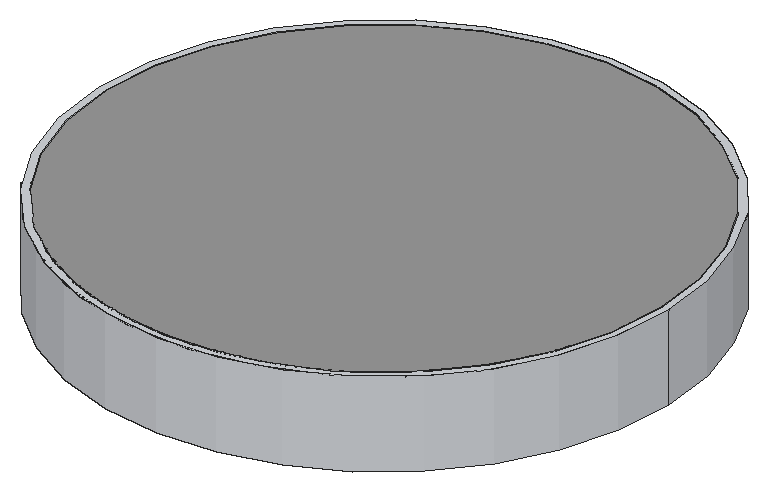
Revit family "2071330", category Lighting Fixtures, host Face, Revit 2018
Family settings
  Host = Face
  Round Connector Dimension = Use Diameter
  Part Type = Normal
  OmniClass Number = 23.80.70.00
  OmniClass Title = Lighting
  Cut with Voids When Loaded = No
  Light Source = Yes
  Shared = No
  Room Calculation Point = No
Parameters (values of type "2071330 COLOSSAL 400 HO 840 OP DIR WHT EM")
  iner diameter = 390 mm
  Weight = "n/a"
  Wattage Comments = ""
  Wattage = 30 W
  WarrantyStartDate [instance] = "n/a"
  WarrantyGuarantorParts = "n/a"
  WarrantyDurationUnit = "n/a"
  WarrantyDurationParts = ""
  WarrantyDescription = "http://www.sylvania-lighting.com"
  built-in parameter 1150110 = 1 (stored number, unit not read)
  Voltage = 230 V
  URL = "0.95"
  TypeName = "COLOSSAL 400mm HO 840 OPAL DIR WHITE EM"
  Type Image = <None>
  Type Comments = "n/a"
  built-in parameter 1114217 = 1 (stored number, unit not read)
  Tilt Angle = -90.00°
  built-in parameter 1150109 = 1 (stored number, unit not read)
  built-in parameter 1150134 = (empty or 0)
  built-in parameter 1150113 = 1 (stored number, unit not read)
  SerialNumber [instance] = "n/a"
  Photometric Web File = "2071330.ies"
  Material_3_SYL = LED-Sylvania
  PowerFactor = 0
  PowerConsumption = "Lighting"
  NominalLength = 400 mm
  NominalHeight = 93 mm
  NominalDepth = 400 mm
  Name = "COLOSSAL 400mm HO 840 OPAL DIR WHITE EM"
  ModelReference = Name  # "COLOSSAL 400mm HO 840 OPAL DIR WHITE EM"
  ModelNumber = "2071330"
  Model = Name  # "COLOSSAL 400mm HO 840 OPAL DIR WHITE EM"
  Material = "Feilo Sylvania"
  ManufacturerName = "130 lm/W"
  Manufacturer = ""
  LuminousEfficacy = ""
  built-in parameter 1150105 = 270.44 (stored number, unit not read)
  Lumens = 3398.4 lm
  LuminaireType = "0"
  built-in parameter 1150115 = 1 (stored number, unit not read)
  LightOutputRatio = "LED"
  built-in parameter 1150137 = (empty or 0)
  built-in parameter 1150139 = (empty or 0)
  LampsType = Lamp  # "n/a"
  LampNominalLuminous = "4000 K"
  LampMacAdamStep = "80"
  LampColourTemperature = "LED"
  LampColourRenderingIndex = "16500"
  built-in parameter 1150112 = 1 (stored number, unit not read)
  built-in parameter 1150114 = 1 (stored number, unit not read)
  Lamp = "n/a"
  Keynote = "n/a"
  InstallationDate [instance] = "n/a"
  InputVoltage = "0"
  InputNominalFrequency = "4000"
  built-in parameter 1150132 = (empty or 0)
  built-in parameter 1150102 = (empty or 0)
  built-in parameter 1150107 = 3000 (stored number, unit not read)
  built-in parameter 1150138 = (empty or 0)
  IngressProtection = "IfcLightFixtureType"
  ImpactProtectionIndex = "IfcLightFixtureType"
  built-in parameter 1150106 = 2.7044 (stored number, unit not read)
  IfcExportType = "IfcLightFixtureType"
  IfcExportAs = "Class I"
  Emit from Circle Diameter = 385 mm
  Emit Shape Visible in Rendering = no
  ElectricShockClassification = "130"
  built-in parameter 1150104 = 10.524 (stored number, unit not read)
  DocumentationLiterature = "http://www.sylvania-lighting.com/product/en-int/products/2071330"
  DimmingControlOptions = "n/a"
  Material_2_SYL = Polycarbonate_Sylvania_White
  Dimming Lamp Color Temperature Shift = <None>
  Description = "400mm diameter circular architectural luminaire, can be surface mounted or suspended. Powder coated aluminium housing (RAL9016) with polycarbonate opal diffuser. Direct light distribution, 3435lm luminuous flux, 27.3W system power, 126lm/W luminiaire efficacy. Constant current driver. 3 hours integrated emergency. Colour rendering index Ra >80, 4000K Neutral White LED, chromaticity tolerance of 3-step MacAdam ellipse. IP40, IK03. 600mA drive current. Electrical protection Class1, 220-240V. Reported lifetime 66k hours L90B10."
  Default Elevation = 1219.2 mm
  CreatedOn = "22/03/2022"
  CreatedBy = "@sylvania-lighting.com"
  Cost = 0
  Color Filter = 16777215
  built-in parameter 1114216 [instance] = (empty or 0)
  ClassificationValue = "EF_70_80"
  ClassificationName = "Uniclass2015"
  Material_1_SYL = Polycarbonate_Sylvania_Opal
  BarCode [instance] = "n/a"
  built-in parameter 1114218 = 1 (stored number, unit not read)
  built-in parameter 1150133 = 10 (stored number, unit not read)
  AssetType = "Fixed"
  AssetIdentifier [instance] = "n/a"
  Assembly Code = "D5020200"
  Apparent Load = 27.3 VA
  Material_4_SYL = none
Reference planes
  plane 1 "Center (Front/Back)": y = 0
  plane 2: z = 0
  plane 3 "Center (Left/Right)": x = 0
  plane 4: x = -200
  plane 5: x = 200
  plane 6: y = 200
  plane 7: y = -200
  plane 8: y = 236
  plane 9: y = -236
  plane 10: z = 93
  plane 11: y = 195
  plane 12: y = -195
  plane 13: y = 90.5
  plane 14: y = 144.5
  plane 15: through (52.25, 90.5, 1219.2) normal (0.866, 0.5, 0)
  plane 16: through (52.25, 90.5, 1219.2) normal (0.866, 0.5, 0)
  plane 17: through (63.706, 126.657, 1219.2) normal (0.866, 0.5, 0)
  plane 18: through (-104.5, 0, 1219.2) normal (-0.866, 0.5, 0)
  plane 19: through (-142.394, -9.633, 1219.2) normal (-0.866, 0.5, 0)
  plane 20: y = -90.5
  plane 21: y = -118.5
  plane 22: through (85.371, -141.133, 1219.2) normal (-0.866, 0.5, 0)
  plane 23: through (52.25, -90.5, 1219.2) normal (-0.866, 0.5, 0)
  plane 24: through (-161.658, 0, 1219.2) normal (0.866, 0.5, 0)
  plane 25: through (-172.12, 9.121, 1219.2) normal (0.866, 0.5, 0)
  plane 26: through (-104.5, 0, 1219.2) normal (0.866, 0.5, 0)
Forms (mm)
  Extrusion 1, solid, detail levels medium+fine
    sketch origin (0, 0, 0) x (1, 0, 0) y (0, 1, 0)
      loop
        circle (0, 0) r 200
    from 33.023 to 93
  Extrusion 2, void
    sketch origin (0, 0, 0) x (1, 0, 0) y (0, 1, 0)
      loop
        circle (0, 0) r 195
    from 93 to 37.292
  Extrusion 3, solid, material "Glass, White, High Luminance", detail levels fine
    sketch origin (0, 0, 0) x (1, 0, 0) y (0, 1, 0)
      loop
        circle (0, 0) r 195
    from 88.026 to 93
  Extrusion 4, solid, detail levels coarse
    sketch origin (0, 0, 0) x (1, 0, 0) y (0, 1, 0)
      loop
        line (-200, 200) -> (-200, -200) -> (200, -200) -> (200, 200) -> (-200, 200)
    from 0 to 93
  Blend 5, solid, detail levels medium+fine
    base sketch origin (0, 0, 0) x (1, 0, 0) y (0, 1, 0)
      loop
        line (-52.25, 90.5) -> (-104.5, 0) -> (-52.25, -90.5) -> (52.25, -90.5) -> (104.5, 0) -> (52.25, 90.5) -> (-52.25, 90.5)
    top sketch origin (0, 0, 0) x (1, 0, 0) y (0, 1, 0)
      loop
        line (-53.405, 144.5) -> (-149.245, -21.5) -> (-93.242, -118.5) -> (98.438, -118.5) -> (151.843, -26) -> (53.405, 144.5) -> (-53.405, 144.5)
    from 0 to 33.023
Cuts and joins
  Extrusion 2 cuts Extrusion 1
Dimensions and locks
  "NominalDepth": plane 6 to plane 7
  "NominalLength": plane 4 to plane 5
  equal spacing: plane 4, plane 3 "Center (Left/Right)", plane 5
  "iner diameter": plane 11 to plane 12
  equal spacing: plane 11, plane 1 "Center (Front/Back)", plane 12
  equal spacing: plane 6, plane 1 "Center (Front/Back)", plane 7
  "NominalHeight": plane 10 to level
  plane 19 to plane 18 = 28 mm
  radius of Extrusion 2 sketch curve = 195 mm
  aligned and locked: plane 2 to host face
  aligned and locked: level to host face
Automatic sketch dimensions
  host sketch curve to host sketch curve = 2438.4 mm  (x2)
  plane 1 "Center (Front/Back)" to Extrusion 1 sketch curve = 0 mm
  Extrusion 1 sketch curve to plane 3 "Center (Left/Right)" = 0 mm
  plane 1 "Center (Front/Back)" to Extrusion 2 sketch curve = 0 mm
  Extrusion 2 sketch curve to plane 3 "Center (Left/Right)" = 0 mm
  plane 1 "Center (Front/Back)" to Extrusion 3 sketch curve = 0 mm
  Extrusion 3 sketch curve to plane 3 "Center (Left/Right)" = 0 mm
  Extrusion 4 sketch curve to plane 4 = 0 mm
  Extrusion 4 sketch curve to plane 5 = 0 mm
  Extrusion 4 sketch curve to plane 7 = 0 mm
  Extrusion 4 sketch curve to plane 6 = 0 mm
  Blend 5 sketch curve to plane 19 = 0 mm  (x2)
  Blend 5 sketch curve to plane 24 = 0 mm  (x2)
  Blend 5 sketch curve to plane 21 = 0 mm
  Blend 5 sketch curve to plane 14 = 0 mm
  Blend 5 sketch curve to plane 17 = 0 mm  (x2)
  Blend 5 sketch curve to plane 22 = 0 mm  (x2)
  radius of Extrusion 1 sketch curve = 200 mm
  radius of Extrusion 3 sketch curve = 195 mm
Connectors
  electrical at (0, 0, 0), driven by "Apparent Load", driven by "PowerFactor", driven by "Voltage"
    settings: index 1, voltage 230 V, apparent load 27.3 VA, apparent load phase1 0 VA, apparent load phase2 0 VA, apparent load phase3 0 VA, power factor 0, load classification "Lighting", number of poles 1, system type 30, power factor state 1, is connector primary yes, connector utility no, sub classification motor no, connector description ""
